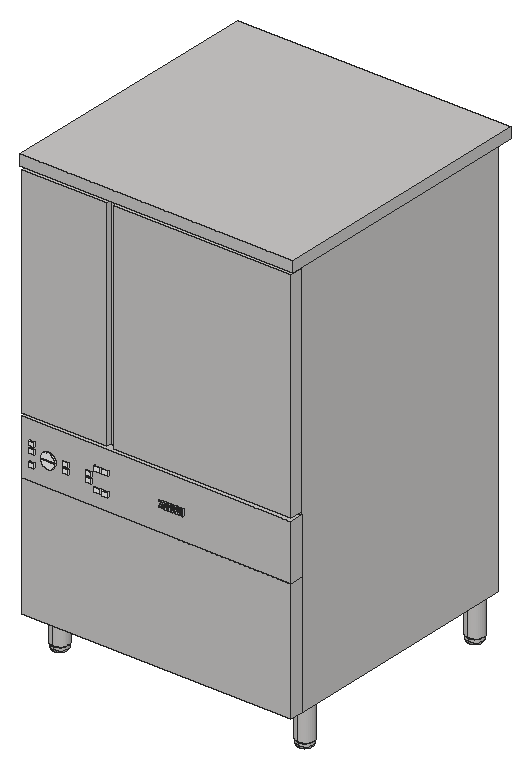
Revit family "QF_ELECTROLUXPROFESSIONAL_727897_RBC102", category Specialty Equipment, Revit 2018
Family settings
  Round Connector Dimension = Use Diameter
  Part Type = Normal
  Work Plane-Based = No
  Always vertical = Yes
  Cut with Voids When Loaded = No
  Shared = No
  Room Calculation Point = No
Parameters (values of type "Standard")
  Weight = 518.086 lbm
  Watts = 0 W
  Volts = 380 V
  URL Manufacturer = "http://professional.electrolux.com"
  URL = "http://professional.electrolux.com"
  Steam Supply Size = 0"
  Steam Supply Minimum Pressure = 0.00 psi
  Steam Supply Maximum Pressure = 0.00 psi
  Steam Pounds per Hour = 0
  Show Clearance [instance] = yes
  Refrigeration Suction Line Size = 0 mm
  Refrigeration Liquid Line Size = 0 mm
  Refrigerant Compressor Remote = yes
  Phase = 3
  Model = "RBC102"
  Manufacturer = "Electrolux Professional"
  Length Actual = 1000 mm  # constant formula
  Item Number = "727897"
  Hot Water Size = 0"
  Height Actual = 1640 mm  # constant formula
  HP = "5.3 HP"
  Gas Size = 0"
  Gas KW = 0
  Gas Input Pressure = 0.0 Btu/h
  Direct Waste Size = 1/2"
  Description = "BLAST CHILLER/FREEZER 64/56KG 10GN2/1-R452A"
  Depth Actual = 1010 mm  # constant formula
  Cycle = 50 Hz
  Condensate Return Size = 0"
  Compressed Air Volume = 0 GPM
  Compressed Air Size = 0"
  Compressed Air Pressure = 0.00 psi
  Cold Water Size = 0"
  Accessory = yes
Reference planes
  plane 1 "BACK": y = 0
  plane 2: z = 0
  plane 3 "LEFT": x = 0
  plane 4 "RIGHT": x = 1000
  plane 5 "FRONT": y = -1000
  plane 6 "TOP": z = 1660
  plane 7 "Center Y": x = 500
  plane 8 "Center X": y = -500
  plane 9: x = 50
  plane 10: x = 950
  plane 11: z = 150
  plane 12: z = 86
  plane 13: y = -50
  plane 14: y = -950
  plane 15: y = -689
  plane 16: y = -495
  plane 17: y = -1700
Forms (mm)
  Extrusion 1, solid, material "QF_Metal - Stainless - Polished"
    sketch origin (0, 0, 0) x (1, 0, 0) y (0, 0, 1)
      loop
        line (6.35, 1620) -> (6.35, 150) -> (993.65, 150) -> (993.65, 1620) -> (6.35, 1620)
    from 50 to 950
  Revolve 2, solid, material "QF_Metal - Stainless - Polished"
    sketch origin (50, -266.833, 0) x (0, 1, 0) y (0, 0, 1)
      loop
        line (-650.954, 150) -> (-650.954, 145.008) -> (-645.28, 145.008) -> (-645.28, 21.074) -> (-641.767, 17.561) -> (-641.767, 6.021)
        arc (-641.767, 6.021) -> (-640.973, 2.655) -> (-638.757, 0) r 7.527
        line (-638.757, 0) -> (-613.167, 0) -> (-613.167, 150) -> (-650.954, 150)
      axis (-613.167, 0) -> (-613.167, 150)
    angle from 0 to 360
  Revolve 3, solid, material "QF_Metal - Stainless - Polished"
    sketch origin (50, -787.167, 0) x (0, -1, 0) y (0, 0, 1)
      loop
        line (-724.954, 150) -> (-724.954, 145.008) -> (-719.28, 145.008) -> (-719.28, 21.074) -> (-715.767, 17.561) -> (-715.767, 6.021)
        arc (-715.767, 6.021) -> (-714.973, 2.655) -> (-712.757, 0) r 7.527
        line (-712.757, 0) -> (-687.167, 0) -> (-687.167, 150) -> (-724.954, 150)
      axis (-687.167, 0) -> (-687.167, 150)
    angle from 0 to 360
  Extrusion 4, solid, material "QF_Metal - Stainless - Polished"
    sketch origin (119.685, 0, 0) x (1, 0, 0) y (0, 0, 1)
      loop
        line (201.815, 150) -> (201.815, 120.527) -> (558.815, 120.527) -> (558.815, 150) -> (552.415, 150) -> (552.415, 126.927) -> (208.215, 126.927) -> (208.215, 150) -> (201.815, 150)
    from 218.729 to 655.055
  Extrusion 5, solid, material "QF_Metal - Stainless - Polished"
    sketch origin (-117.961, 0, 0) x (1, 0, 0) y (0, 0, 1)
      loop
        line (498.429, 95.527) -> (498.429, 120.527) -> (492.029, 120.527) -> (492.029, 86) -> (743.894, 86) -> (743.894, 120.527) -> (737.494, 120.527) -> (737.494, 95.527) -> (498.429, 95.527)
    from 333.038 to 655.055
  Extrusion 6, solid, material "QF_Metal - Stainless - Polished"
    sketch origin (0, -130, 0) x (1, 0, 0) y (0, 1, 0)
      loop
        circle (500, -365) r 20
    from 138.473 to 150
  Revolve 7, solid, material "QF_Metal - Stainless - Polished"
    sketch origin (950, -266.833, 0) x (0, 1, 0) y (0, 0, -1)
      loop
        line (-650.954, -150) -> (-613.167, -150) -> (-613.167, 0) -> (-638.757, 0)
        arc (-638.757, 0) -> (-640.973, -2.655) -> (-641.767, -6.021) r 7.527
        line (-641.767, -6.021) -> (-641.767, -17.561) -> (-645.28, -21.074) -> (-645.28, -145.008) -> (-650.954, -145.008) -> (-650.954, -150)
      axis (-613.167, 0) -> (-613.167, -150)
    angle from 0 to 360
  Revolve 8, solid, material "QF_Metal - Stainless - Polished"
    sketch origin (950, -787.167, 0) x (0, -1, 0) y (0, 0, 1)
      loop
        line (-724.954, 150) -> (-724.954, 145.008) -> (-719.28, 145.008) -> (-719.28, 21.074) -> (-715.767, 17.561) -> (-715.767, 6.021)
        arc (-715.767, 6.021) -> (-714.973, 2.655) -> (-712.757, 0) r 7.527
        line (-712.757, 0) -> (-687.167, 0) -> (-687.167, 150) -> (-724.954, 150)
      axis (-687.167, 0) -> (-687.167, 150)
    angle from 0 to 360
  Extrusion 9, solid, material "QF_Metal - Stainless - Polished"
    sketch origin (0, -50, -1035) x (1, 0, 0) y (0, 0, 1)
      loop
        circle (500, 1447.083) r 20
    from -7.507 to 0
  Extrusion 10, solid, material "QF_Door-Drawer Clearances", visible <- "Show Clearance", detail levels coarse
    sketch origin (0, -21, 0) x (1, 0, 0) y (0, 1, 0)
      loop
        line (993.65, -979) -> (318.65, -979)
        arc (318.65, -979) -> (499.741, -1479.823) -> (993.65, -1679) r 652.648
        line (993.65, -1679) -> (993.65, -979)
    from 810.198 to 1610
  Extrusion 11, solid, material "QF_Metal - Stainless - Polished"
    sketch origin (0, 0, 1620) x (1, 0, 0) y (0, 1, 0)
      loop
        line (0, 0) -> (0, -1000) -> (1000, -1000) -> (1000, 0) -> (0, 0)
    from 0 to 40
  Extrusion 12, solid, material "QF_Metal - Stainless - Polished"
    sketch origin (0, -261, 0) x (1, 0, 0) y (0, 1, 0)
      loop
        line (993.65, -689) -> (318.65, -689) -> (318.65, -714)
        arc (318.65, -714) -> (326.15, -721.5) -> (333.65, -714) r 7.5
        line (333.65, -714) -> (333.65, -712.023)
        arc (333.65, -712.023) -> (336, -706.35) -> (341.673, -704) r 8.023
        line (341.673, -704) -> (362.3, -704)
        arc (362.3, -704) -> (370.425, -712.125) -> (362.3, -720.25) r 8.125
        line (362.3, -720.25) -> (355.356, -720.25)
        arc (355.356, -720.25) -> (346.124, -724.074) -> (342.3, -733.306) r 13.056
        line (342.3, -733.306) -> (342.3, -739) -> (993.65, -739) -> (993.65, -689)
    from 810.198 to 1610
  Extrusion 13, solid, material "QF_Metal - Stainless - Polished"
    sketch origin (0, -186.528, -170.772) x (1, 0, 0) y (0, 0, 1)
      loop
        line (6.35, 970) -> (6.35, 766.772) -> (993.65, 766.772) -> (993.65, 970) -> (6.35, 970)
    from 763.472 to 813.472
  Extrusion 14, solid, material "QF_Plastic - White - Smooth"
    sketch origin (-40, -1000, 114.139) x (1, 0, 0) y (0, 0, 1)
      loop
        line (75.078, 617.851) -> (75.078, 601.601) -> (95.078, 601.601) -> (95.078, 617.851) -> (75.078, 617.851)
      loop
        line (75.078, 547.851) -> (75.078, 531.601) -> (95.078, 531.601) -> (95.078, 547.851) -> (75.078, 547.851)
      loop
        line (75.078, 592.851) -> (75.078, 576.601) -> (95.078, 576.601) -> (95.078, 592.851) -> (75.078, 592.851)
      loop
        line (120.078, 576.601) -> (170.078, 576.601)
        arc (170.078, 576.601) -> (145.078, 601.601) -> (120.078, 576.601) r 25
      loop
        arc (120.078, 571.601) -> (145.078, 546.601) -> (170.078, 571.601) r 25
        line (170.078, 571.601) -> (120.078, 571.601)
      loop
        line (198.715, 592.851) -> (198.715, 576.601) -> (218.715, 576.601) -> (218.715, 592.851) -> (198.715, 592.851)
      loop
        line (198.715, 570.081) -> (198.715, 553.831) -> (218.715, 553.831) -> (218.715, 570.081) -> (198.715, 570.081)
      loop
        line (283.715, 592.851) -> (283.715, 576.601) -> (303.715, 576.601) -> (303.715, 592.851) -> (283.715, 592.851)
      loop
        line (283.715, 570.081) -> (283.715, 553.831) -> (303.715, 553.831) -> (303.715, 570.081) -> (283.715, 570.081)
      loop
        line (314.587, 617.851) -> (314.587, 601.601) -> (334.587, 601.601) -> (334.587, 617.851) -> (314.587, 617.851)
      loop
        line (344.587, 617.851) -> (344.587, 601.601) -> (364.587, 601.601) -> (364.587, 617.851) -> (344.587, 617.851)
      loop
        line (314.587, 547.851) -> (314.587, 531.601) -> (334.587, 531.601) -> (334.587, 547.851) -> (314.587, 547.851)
      loop
        line (344.587, 547.851) -> (344.587, 531.601) -> (364.587, 531.601) -> (364.587, 547.851) -> (344.587, 547.851)
    from 0 to 4.861
  Extrusion 15, solid, material "QF_Metal - Stainless - Polished"
    sketch origin (0, -186.528, -363.03) x (1, 0, 0) y (0, 0, 1)
      loop
        line (6.35, 959.03) -> (6.35, 513.03) -> (993.65, 513.03) -> (993.65, 959.03) -> (6.35, 959.03)
    from 763.472 to 813.472
  Extrusion 16, solid, material "QF_Metal - Stainless - Polished"
    sketch origin (-675, -186.528, 43.426) x (1, 0, 0) y (0, 0, 1)
      loop
        line (681.35, 1566.574) -> (681.35, 766.772) -> (993.65, 766.772) -> (993.65, 1566.574) -> (681.35, 1566.574)
    from 763.472 to 813.472
Lines and regions (mm)
  Split face 1
    outline origin (0, -1000, -170.772) x (1, 0, 0) y (0, 0, 1)
      loop
        line (33.078, 905.06) -> (33.078, 814.512) -> (326.587, 814.512) -> (326.587, 905.06) -> (33.078, 905.06)
  Split face 2
    outline origin (230.841, -1000, -363.03) x (1, 0, 0) y (0, 0, 1)
      loop
        line (129.159, 912.765) -> (129.159, 897.765) -> (209.159, 897.765) -> (209.159, 912.765) -> (129.159, 912.765)
  Split face 3
    outline origin (230.841, -1000, -383.03) x (1, 0, 0) y (0, 0, 1)
      loop
        line (129.159, 912.765) -> (129.159, 897.765) -> (209.159, 897.765) -> (209.159, 912.765) -> (129.159, 912.765)
  Split face 4
    outline origin (230.841, -1000, -403.03) x (1, 0, 0) y (0, 0, 1)
      loop
        line (129.159, 912.765) -> (129.159, 897.765) -> (209.159, 897.765) -> (209.159, 912.765) -> (129.159, 912.765)
  Split face 5
    outline origin (230.841, -1000, -438.03) x (1, 0, 0) y (0, 0, 1)
      loop
        line (129.159, 912.765) -> (129.159, 897.765) -> (209.159, 897.765) -> (209.159, 912.765) -> (129.159, 912.765)
  Split face 6
    outline origin (230.841, -1000, -458.03) x (1, 0, 0) y (0, 0, 1)
      loop
        line (129.159, 912.765) -> (129.159, 897.765) -> (209.159, 897.765) -> (209.159, 912.765) -> (129.159, 912.765)
  Split face 7
    outline origin (230.841, -1000, -478.03) x (1, 0, 0) y (0, 0, 1)
      loop
        line (129.159, 912.765) -> (129.159, 897.765) -> (209.159, 897.765) -> (209.159, 912.765) -> (129.159, 912.765)
  Split face 8
    outline origin (230.841, -1000, -513.03) x (1, 0, 0) y (0, 0, 1)
      loop
        line (129.159, 912.765) -> (129.159, 897.765) -> (209.159, 897.765) -> (209.159, 912.765) -> (129.159, 912.765)
  Split face 9
    outline origin (230.841, -1000, -533.03) x (1, 0, 0) y (0, 0, 1)
      loop
        line (129.159, 912.765) -> (129.159, 897.765) -> (209.159, 897.765) -> (209.159, 912.765) -> (129.159, 912.765)
  Split face 10
    outline origin (230.841, -1000, -553.03) x (1, 0, 0) y (0, 0, 1)
      loop
        line (129.159, 912.765) -> (129.159, 897.765) -> (209.159, 897.765) -> (209.159, 912.765) -> (129.159, 912.765)
  Split face 11
    outline origin (230.841, -1000, -588.03) x (1, 0, 0) y (0, 0, 1)
      loop
        line (129.159, 912.765) -> (129.159, 897.765) -> (209.159, 897.765) -> (209.159, 912.765) -> (129.159, 912.765)
  Split face 12
    outline origin (230.841, -1000, -608.03) x (1, 0, 0) y (0, 0, 1)
      loop
        line (129.159, 912.765) -> (129.159, 897.765) -> (209.159, 897.765) -> (209.159, 912.765) -> (129.159, 912.765)
  Split face 13
    outline origin (230.841, -1000, -628.03) x (1, 0, 0) y (0, 0, 1)
      loop
        line (129.159, 912.765) -> (129.159, 897.765) -> (209.159, 897.765) -> (209.159, 912.765) -> (129.159, 912.765)
  Split face 14
    outline origin (230.841, -1000, -663.03) x (1, 0, 0) y (0, 0, 1)
      loop
        line (129.159, 912.765) -> (129.159, 897.765) -> (209.159, 897.765) -> (209.159, 912.765) -> (129.159, 912.765)
  Split face 15
    outline origin (230.841, -1000, -683.03) x (1, 0, 0) y (0, 0, 1)
      loop
        line (129.159, 912.765) -> (129.159, 897.765) -> (209.159, 897.765) -> (209.159, 912.765) -> (129.159, 912.765)
  Split face 16
    outline origin (230.841, -1000, -703.03) x (1, 0, 0) y (0, 0, 1)
      loop
        line (129.159, 912.765) -> (129.159, 897.765) -> (209.159, 897.765) -> (209.159, 912.765) -> (129.159, 912.765)
  Split face 17
    outline origin (340.841, -1000, -363.03) x (1, 0, 0) y (0, 0, 1)
      loop
        line (129.159, 912.765) -> (129.159, 897.765) -> (209.159, 897.765) -> (209.159, 912.765) -> (129.159, 912.765)
  Split face 18
    outline origin (340.841, -1000, -383.03) x (1, 0, 0) y (0, 0, 1)
      loop
        line (129.159, 912.765) -> (129.159, 897.765) -> (209.159, 897.765) -> (209.159, 912.765) -> (129.159, 912.765)
  Split face 19
    outline origin (340.841, -1000, -403.03) x (1, 0, 0) y (0, 0, 1)
      loop
        line (129.159, 912.765) -> (129.159, 897.765) -> (209.159, 897.765) -> (209.159, 912.765) -> (129.159, 912.765)
  Split face 20
    outline origin (340.841, -1000, -438.03) x (1, 0, 0) y (0, 0, 1)
      loop
        line (129.159, 912.765) -> (129.159, 897.765) -> (209.159, 897.765) -> (209.159, 912.765) -> (129.159, 912.765)
  Split face 21
    outline origin (340.841, -1000, -458.03) x (1, 0, 0) y (0, 0, 1)
      loop
        line (129.159, 912.765) -> (129.159, 897.765) -> (209.159, 897.765) -> (209.159, 912.765) -> (129.159, 912.765)
  Split face 22
    outline origin (340.841, -1000, -478.03) x (1, 0, 0) y (0, 0, 1)
      loop
        line (129.159, 912.765) -> (129.159, 897.765) -> (209.159, 897.765) -> (209.159, 912.765) -> (129.159, 912.765)
  Split face 23
    outline origin (340.841, -1000, -513.03) x (1, 0, 0) y (0, 0, 1)
      loop
        line (129.159, 912.765) -> (129.159, 897.765) -> (209.159, 897.765) -> (209.159, 912.765) -> (129.159, 912.765)
  Split face 24
    outline origin (340.841, -1000, -533.03) x (1, 0, 0) y (0, 0, 1)
      loop
        line (129.159, 912.765) -> (129.159, 897.765) -> (209.159, 897.765) -> (209.159, 912.765) -> (129.159, 912.765)
  Split face 25
    outline origin (340.841, -1000, -553.03) x (1, 0, 0) y (0, 0, 1)
      loop
        line (129.159, 912.765) -> (129.159, 897.765) -> (209.159, 897.765) -> (209.159, 912.765) -> (129.159, 912.765)
  Split face 26
    outline origin (340.841, -1000, -588.03) x (1, 0, 0) y (0, 0, 1)
      loop
        line (129.159, 912.765) -> (129.159, 897.765) -> (209.159, 897.765) -> (209.159, 912.765) -> (129.159, 912.765)
  Split face 27
    outline origin (340.841, -1000, -608.03) x (1, 0, 0) y (0, 0, 1)
      loop
        line (129.159, 912.765) -> (129.159, 897.765) -> (209.159, 897.765) -> (209.159, 912.765) -> (129.159, 912.765)
  Split face 28
    outline origin (340.841, -1000, -628.03) x (1, 0, 0) y (0, 0, 1)
      loop
        line (129.159, 912.765) -> (129.159, 897.765) -> (209.159, 897.765) -> (209.159, 912.765) -> (129.159, 912.765)
  Split face 29
    outline origin (340.841, -1000, -663.03) x (1, 0, 0) y (0, 0, 1)
      loop
        line (129.159, 912.765) -> (129.159, 897.765) -> (209.159, 897.765) -> (209.159, 912.765) -> (129.159, 912.765)
  Split face 30
    outline origin (340.841, -1000, -683.03) x (1, 0, 0) y (0, 0, 1)
      loop
        line (129.159, 912.765) -> (129.159, 897.765) -> (209.159, 897.765) -> (209.159, 912.765) -> (129.159, 912.765)
  Split face 31
    outline origin (340.841, -1000, -703.03) x (1, 0, 0) y (0, 0, 1)
      loop
        line (129.159, 912.765) -> (129.159, 897.765) -> (209.159, 897.765) -> (209.159, 912.765) -> (129.159, 912.765)
  Split face 32
    outline origin (450.841, -1000, -363.03) x (1, 0, 0) y (0, 0, 1)
      loop
        line (129.159, 912.765) -> (129.159, 897.765) -> (209.159, 897.765) -> (209.159, 912.765) -> (129.159, 912.765)
  Split face 33
    outline origin (450.841, -1000, -383.03) x (1, 0, 0) y (0, 0, 1)
      loop
        line (129.159, 912.765) -> (129.159, 897.765) -> (209.159, 897.765) -> (209.159, 912.765) -> (129.159, 912.765)
  Split face 34
    outline origin (450.841, -1000, -403.03) x (1, 0, 0) y (0, 0, 1)
      loop
        line (129.159, 912.765) -> (129.159, 897.765) -> (209.159, 897.765) -> (209.159, 912.765) -> (129.159, 912.765)
  Split face 35
    outline origin (450.841, -1000, -438.03) x (1, 0, 0) y (0, 0, 1)
      loop
        line (129.159, 912.765) -> (129.159, 897.765) -> (209.159, 897.765) -> (209.159, 912.765) -> (129.159, 912.765)
  Split face 36
    outline origin (450.841, -1000, -458.03) x (1, 0, 0) y (0, 0, 1)
      loop
        line (129.159, 912.765) -> (129.159, 897.765) -> (209.159, 897.765) -> (209.159, 912.765) -> (129.159, 912.765)
  Split face 37
    outline origin (450.841, -1000, -478.03) x (1, 0, 0) y (0, 0, 1)
      loop
        line (129.159, 912.765) -> (129.159, 897.765) -> (209.159, 897.765) -> (209.159, 912.765) -> (129.159, 912.765)
  Split face 38
    outline origin (450.841, -1000, -513.03) x (1, 0, 0) y (0, 0, 1)
      loop
        line (129.159, 912.765) -> (129.159, 897.765) -> (209.159, 897.765) -> (209.159, 912.765) -> (129.159, 912.765)
  Split face 39
    outline origin (450.841, -1000, -533.03) x (1, 0, 0) y (0, 0, 1)
      loop
        line (129.159, 912.765) -> (129.159, 897.765) -> (209.159, 897.765) -> (209.159, 912.765) -> (129.159, 912.765)
  Split face 40
    outline origin (450.841, -1000, -553.03) x (1, 0, 0) y (0, 0, 1)
      loop
        line (129.159, 912.765) -> (129.159, 897.765) -> (209.159, 897.765) -> (209.159, 912.765) -> (129.159, 912.765)
  Split face 41
    outline origin (450.841, -1000, -588.03) x (1, 0, 0) y (0, 0, 1)
      loop
        line (129.159, 912.765) -> (129.159, 897.765) -> (209.159, 897.765) -> (209.159, 912.765) -> (129.159, 912.765)
  Split face 42
    outline origin (450.841, -1000, -608.03) x (1, 0, 0) y (0, 0, 1)
      loop
        line (129.159, 912.765) -> (129.159, 897.765) -> (209.159, 897.765) -> (209.159, 912.765) -> (129.159, 912.765)
  Split face 43
    outline origin (450.841, -1000, -628.03) x (1, 0, 0) y (0, 0, 1)
      loop
        line (129.159, 912.765) -> (129.159, 897.765) -> (209.159, 897.765) -> (209.159, 912.765) -> (129.159, 912.765)
  Split face 44
    outline origin (450.841, -1000, -663.03) x (1, 0, 0) y (0, 0, 1)
      loop
        line (129.159, 912.765) -> (129.159, 897.765) -> (209.159, 897.765) -> (209.159, 912.765) -> (129.159, 912.765)
  Split face 45
    outline origin (450.841, -1000, -683.03) x (1, 0, 0) y (0, 0, 1)
      loop
        line (129.159, 912.765) -> (129.159, 897.765) -> (209.159, 897.765) -> (209.159, 912.765) -> (129.159, 912.765)
  Split face 46
    outline origin (450.841, -1000, -703.03) x (1, 0, 0) y (0, 0, 1)
      loop
        line (129.159, 912.765) -> (129.159, 897.765) -> (209.159, 897.765) -> (209.159, 912.765) -> (129.159, 912.765)
  Split face 47
    outline origin (320.841, -1000, -363.03) x (1, 0, 0) y (0, 0, 1)
      loop
        line (369.159, 912.765) -> (369.159, 897.765) -> (449.159, 897.765) -> (449.159, 912.765) -> (369.159, 912.765)
  Split face 48
    outline origin (320.841, -1000, -383.03) x (1, 0, 0) y (0, 0, 1)
      loop
        line (369.159, 912.765) -> (369.159, 897.765) -> (449.159, 897.765) -> (449.159, 912.765) -> (369.159, 912.765)
  Split face 49
    outline origin (320.841, -1000, -403.03) x (1, 0, 0) y (0, 0, 1)
      loop
        line (369.159, 912.765) -> (369.159, 897.765) -> (449.159, 897.765) -> (449.159, 912.765) -> (369.159, 912.765)
  Split face 50
    outline origin (320.841, -1000, -438.03) x (1, 0, 0) y (0, 0, 1)
      loop
        line (369.159, 912.765) -> (369.159, 897.765) -> (449.159, 897.765) -> (449.159, 912.765) -> (369.159, 912.765)
  Split face 51
    outline origin (320.841, -1000, -458.03) x (1, 0, 0) y (0, 0, 1)
      loop
        line (369.159, 912.765) -> (369.159, 897.765) -> (449.159, 897.765) -> (449.159, 912.765) -> (369.159, 912.765)
  Split face 52
    outline origin (320.841, -1000, -478.03) x (1, 0, 0) y (0, 0, 1)
      loop
        line (369.159, 912.765) -> (369.159, 897.765) -> (449.159, 897.765) -> (449.159, 912.765) -> (369.159, 912.765)
  Split face 53
    outline origin (320.841, -1000, -513.03) x (1, 0, 0) y (0, 0, 1)
      loop
        line (369.159, 912.765) -> (369.159, 897.765) -> (449.159, 897.765) -> (449.159, 912.765) -> (369.159, 912.765)
  Split face 54
    outline origin (320.841, -1000, -533.03) x (1, 0, 0) y (0, 0, 1)
      loop
        line (369.159, 912.765) -> (369.159, 897.765) -> (449.159, 897.765) -> (449.159, 912.765) -> (369.159, 912.765)
  Split face 55
    outline origin (320.841, -1000, -553.03) x (1, 0, 0) y (0, 0, 1)
      loop
        line (369.159, 912.765) -> (369.159, 897.765) -> (449.159, 897.765) -> (449.159, 912.765) -> (369.159, 912.765)
  Split face 56
    outline origin (320.841, -1000, -588.03) x (1, 0, 0) y (0, 0, 1)
      loop
        line (369.159, 912.765) -> (369.159, 897.765) -> (449.159, 897.765) -> (449.159, 912.765) -> (369.159, 912.765)
  Split face 57
    outline origin (320.841, -1000, -608.03) x (1, 0, 0) y (0, 0, 1)
      loop
        line (369.159, 912.765) -> (369.159, 897.765) -> (449.159, 897.765) -> (449.159, 912.765) -> (369.159, 912.765)
  Split face 58
    outline origin (320.841, -1000, -628.03) x (1, 0, 0) y (0, 0, 1)
      loop
        line (369.159, 912.765) -> (369.159, 897.765) -> (449.159, 897.765) -> (449.159, 912.765) -> (369.159, 912.765)
  Split face 59
    outline origin (320.841, -1000, -663.03) x (1, 0, 0) y (0, 0, 1)
      loop
        line (369.159, 912.765) -> (369.159, 897.765) -> (449.159, 897.765) -> (449.159, 912.765) -> (369.159, 912.765)
  Split face 60
    outline origin (320.841, -1000, -683.03) x (1, 0, 0) y (0, 0, 1)
      loop
        line (369.159, 912.765) -> (369.159, 897.765) -> (449.159, 897.765) -> (449.159, 912.765) -> (369.159, 912.765)
  Split face 61
    outline origin (320.841, -1000, -703.03) x (1, 0, 0) y (0, 0, 1)
      loop
        line (369.159, 912.765) -> (369.159, 897.765) -> (449.159, 897.765) -> (449.159, 912.765) -> (369.159, 912.765)
  Split face 62
    outline origin (430.841, -1000, -363.03) x (1, 0, 0) y (0, 0, 1)
      loop
        line (369.159, 912.765) -> (369.159, 897.765) -> (449.159, 897.765) -> (449.159, 912.765) -> (369.159, 912.765)
  Split face 63
    outline origin (430.841, -1000, -383.03) x (1, 0, 0) y (0, 0, 1)
      loop
        line (369.159, 912.765) -> (369.159, 897.765) -> (449.159, 897.765) -> (449.159, 912.765) -> (369.159, 912.765)
  Split face 64
    outline origin (430.841, -1000, -403.03) x (1, 0, 0) y (0, 0, 1)
      loop
        line (369.159, 912.765) -> (369.159, 897.765) -> (449.159, 897.765) -> (449.159, 912.765) -> (369.159, 912.765)
  Split face 65
    outline origin (430.841, -1000, -438.03) x (1, 0, 0) y (0, 0, 1)
      loop
        line (369.159, 912.765) -> (369.159, 897.765) -> (449.159, 897.765) -> (449.159, 912.765) -> (369.159, 912.765)
  Split face 66
    outline origin (430.841, -1000, -458.03) x (1, 0, 0) y (0, 0, 1)
      loop
        line (369.159, 912.765) -> (369.159, 897.765) -> (449.159, 897.765) -> (449.159, 912.765) -> (369.159, 912.765)
  Split face 67
    outline origin (430.841, -1000, -478.03) x (1, 0, 0) y (0, 0, 1)
      loop
        line (369.159, 912.765) -> (369.159, 897.765) -> (449.159, 897.765) -> (449.159, 912.765) -> (369.159, 912.765)
  Split face 68
    outline origin (430.841, -1000, -513.03) x (1, 0, 0) y (0, 0, 1)
      loop
        line (369.159, 912.765) -> (369.159, 897.765) -> (449.159, 897.765) -> (449.159, 912.765) -> (369.159, 912.765)
  Split face 69
    outline origin (430.841, -1000, -533.03) x (1, 0, 0) y (0, 0, 1)
      loop
        line (369.159, 912.765) -> (369.159, 897.765) -> (449.159, 897.765) -> (449.159, 912.765) -> (369.159, 912.765)
  Split face 70
    outline origin (430.841, -1000, -553.03) x (1, 0, 0) y (0, 0, 1)
      loop
        line (369.159, 912.765) -> (369.159, 897.765) -> (449.159, 897.765) -> (449.159, 912.765) -> (369.159, 912.765)
  Split face 71
    outline origin (430.841, -1000, -588.03) x (1, 0, 0) y (0, 0, 1)
      loop
        line (369.159, 912.765) -> (369.159, 897.765) -> (449.159, 897.765) -> (449.159, 912.765) -> (369.159, 912.765)
  Split face 72
    outline origin (430.841, -1000, -608.03) x (1, 0, 0) y (0, 0, 1)
      loop
        line (369.159, 912.765) -> (369.159, 897.765) -> (449.159, 897.765) -> (449.159, 912.765) -> (369.159, 912.765)
  Split face 73
    outline origin (430.841, -1000, -628.03) x (1, 0, 0) y (0, 0, 1)
      loop
        line (369.159, 912.765) -> (369.159, 897.765) -> (449.159, 897.765) -> (449.159, 912.765) -> (369.159, 912.765)
  Split face 74
    outline origin (430.841, -1000, -663.03) x (1, 0, 0) y (0, 0, 1)
      loop
        line (369.159, 912.765) -> (369.159, 897.765) -> (449.159, 897.765) -> (449.159, 912.765) -> (369.159, 912.765)
  Split face 75
    outline origin (430.841, -1000, -683.03) x (1, 0, 0) y (0, 0, 1)
      loop
        line (369.159, 912.765) -> (369.159, 897.765) -> (449.159, 897.765) -> (449.159, 912.765) -> (369.159, 912.765)
  Split face 76
    outline origin (430.841, -1000, -703.03) x (1, 0, 0) y (0, 0, 1)
      loop
        line (369.159, 912.765) -> (369.159, 897.765) -> (449.159, 897.765) -> (449.159, 912.765) -> (369.159, 912.765)
  symbolic lines
    curve 1: line (0, 0, 0) -> (0, -1003.472, 0)
    curve 2: line (1000, 0, 0) -> (0, 0, 0)
    curve 3: line (1000, -1000, 0) -> (1000, 0, 0)
    curve 4: line (0, -1000, 0) -> (1000, -1000, 0)
  symbolic lines, style "QF_Door-Drawer Clearances"
    curve 5: line (993.65, -1000, 0) -> (993.65, -1700, 0)
    curve 6: arc (318.65, -1000, 0) -> (499.741, -1500.823, 0) -> (993.65, -1700, 0) r 652.648
Dimensions and locks
  equal spacing: plane 3 "LEFT", plane 7 "Center Y", plane 4 "RIGHT"
  plane 3 "LEFT" to plane 4 "RIGHT" = 1000 mm
  equal spacing: plane 5 "FRONT", plane 8 "Center X", plane 1 "BACK"
  plane 5 "FRONT" to plane 1 "BACK" = 1000 mm
  plane 6 "TOP" to level = 1660 mm
  plane 9 to plane 3 "LEFT" = 50 mm
  plane 10 to plane 4 "RIGHT" = 50 mm
  plane 10 to plane 9 = 900 mm
  plane 11 to level = 150 mm
  plane 12 to plane 11 = 64 mm
  plane 1 "BACK" to plane 13 = 50 mm
  plane 13 to plane 15 = 639 mm
  plane 16 to plane 1 "BACK" = 495 mm
  plane 17 to plane 1 "BACK" = 1700 mm
  plane 3 "LEFT" to Extrusion 10 = 993.65 mm
  aligned and locked: level to plane 2
Automatic sketch dimensions
  plane 1 "BACK" to curve 1 = 0 mm
  curve 1 to plane 3 "LEFT" = 0 mm
  curve 5 to plane 17 = 0 mm
  plane 4 "RIGHT" to curve 5 = 6.35 mm
  Extrusion 1 sketch curve to plane 11 = 0 mm
  plane 3 "LEFT" to Extrusion 1 sketch curve = 6.35 mm
  plane 4 "RIGHT" to Extrusion 1 sketch curve = 6.35 mm
  Extrusion 1 sketch curve to plane 6 "TOP" = 40 mm
  Revolve 2 sketch curve to plane 11 = 0 mm
  Revolve 2 sketch curve to level = 0 mm
  Revolve 2 sketch curve to plane 14 = 32.213 mm
  Revolve 2 sketch curve to Revolve 2 sketch curve = 5.674 mm
  Revolve 2 sketch curve to Revolve 2 sketch curve = 3.513 mm  (x2)
  Revolve 2 sketch curve to Revolve 2 sketch curve = 3.01 mm
  level to Revolve 2 sketch curve = 6.021 mm
  Revolve 2 sketch curve to Revolve 2 sketch curve = 21.073 mm
  Revolve 2 sketch curve to Revolve 2 sketch curve = 11.54 mm
  Revolve 2 sketch curve to plane 11 = 4.992 mm
  Revolve 2 sketch curve to Revolve 2 sketch curve = 0 mm
  Revolve 2 sketch curve to Revolve 2 sketch curve = 4.992 mm
  plane 11 to Revolve 2 sketch curve = 20.008 mm
  Revolve 3 sketch curve to plane 11 = 0 mm
  Revolve 3 sketch curve to level = 0 mm
  Revolve 3 sketch curve to plane 13 = 12.213 mm
  Revolve 3 sketch curve to Revolve 3 sketch curve = 5.674 mm
  Revolve 3 sketch curve to Revolve 3 sketch curve = 3.513 mm  (x2)
  Revolve 3 sketch curve to Revolve 3 sketch curve = 3.01 mm
  Revolve 3 sketch curve to level = 6.021 mm
  Revolve 3 sketch curve to Revolve 3 sketch curve = 21.073 mm
  Revolve 3 sketch curve to Revolve 3 sketch curve = 11.54 mm
  plane 11 to Revolve 3 sketch curve = 4.992 mm
  Revolve 3 sketch curve to Revolve 3 sketch curve = 0 mm
  Revolve 3 sketch curve to Revolve 3 sketch curve = 4.992 mm
  Revolve 3 sketch curve to plane 11 = 20.008 mm
  Extrusion 4 sketch curve to plane 11 = 0 mm  (x2)
  Extrusion 4 sketch curve to plane 7 "Center Y" = 178.5 mm
  Extrusion 4 sketch curve to Extrusion 4 sketch curve = 6.4 mm  (x3)
  plane 7 "Center Y" to Extrusion 4 sketch curve = 172.1 mm
  Extrusion 4 sketch curve to Extrusion 4 sketch curve = 23.073 mm
  Extrusion 5 sketch curve to plane 12 = 0 mm
  Extrusion 5 sketch curve to plane 7 "Center Y" = 125.932 mm
  Extrusion 5 sketch curve to Extrusion 5 sketch curve = 6.4 mm  (x2)
  Extrusion 5 sketch curve to plane 12 = 9.527 mm
  plane 7 "Center Y" to Extrusion 5 sketch curve = 119.532 mm
  Extrusion 5 sketch curve to Extrusion 5 sketch curve = 25 mm  (x2)
  Extrusion 6 sketch curve to plane 7 "Center Y" = 0 mm
  Extrusion 6 sketch curve to plane 16 = 0 mm
  plane 11 to Revolve 7 sketch curve = 0 mm
  Revolve 7 sketch curve to level = 0 mm
  Revolve 7 sketch curve to plane 14 = 32.213 mm
  Revolve 7 sketch curve to Revolve 7 sketch curve = 5.674 mm
  Revolve 7 sketch curve to Revolve 7 sketch curve = 3.513 mm  (x2)
  Revolve 7 sketch curve to Revolve 7 sketch curve = 3.01 mm
  level to Revolve 7 sketch curve = 6.021 mm
  Revolve 7 sketch curve to Revolve 7 sketch curve = 21.073 mm
  Revolve 7 sketch curve to plane 11 = 4.992 mm
  Revolve 7 sketch curve to Revolve 7 sketch curve = 15.053 mm
  Revolve 7 sketch curve to Revolve 7 sketch curve = 0 mm
  plane 11 to Revolve 7 sketch curve = 20.008 mm
  Revolve 7 sketch curve to Revolve 7 sketch curve = 4.992 mm
  Revolve 8 sketch curve to plane 11 = 0 mm
  Revolve 8 sketch curve to level = 0 mm
  plane 13 to Revolve 8 sketch curve = 12.213 mm
  Revolve 8 sketch curve to Revolve 8 sketch curve = 5.674 mm
  Revolve 8 sketch curve to Revolve 8 sketch curve = 3.513 mm  (x2)
  Revolve 8 sketch curve to Revolve 8 sketch curve = 3.01 mm
  level to Revolve 8 sketch curve = 6.021 mm
  Revolve 8 sketch curve to Revolve 8 sketch curve = 21.073 mm
  Revolve 8 sketch curve to Revolve 8 sketch curve = 11.54 mm
  Revolve 8 sketch curve to plane 11 = 4.992 mm
  Revolve 8 sketch curve to Revolve 8 sketch curve = 0 mm
  Revolve 8 sketch curve to Revolve 8 sketch curve = 4.992 mm
  plane 11 to Revolve 8 sketch curve = 20.008 mm
  Extrusion 9 sketch curve to plane 7 "Center Y" = 0 mm
  plane 11 to Extrusion 9 sketch curve = 262.083 mm
  Extrusion 11 sketch curve to plane 3 "LEFT" = 0 mm
  Extrusion 11 sketch curve to plane 4 "RIGHT" = 0 mm
  plane 5 "FRONT" to Extrusion 11 sketch curve = 0 mm
  plane 1 "BACK" to Extrusion 11 sketch curve = 0 mm
  plane 14 to Extrusion 12 sketch curve = 0 mm
  plane 5 "FRONT" to Extrusion 12 sketch curve = 0 mm
  Extrusion 12 sketch curve to plane 7 "Center Y" = 181.35 mm
  Extrusion 12 sketch curve to Extrusion 12 sketch curve = 7.5 mm
  Extrusion 12 sketch curve to Extrusion 12 sketch curve = 8.023 mm
  Extrusion 12 sketch curve to plane 5 "FRONT" = 5.694 mm
  Extrusion 12 sketch curve to Extrusion 12 sketch curve = 8.65 mm
  Extrusion 12 sketch curve to Extrusion 12 sketch curve = 13.683 mm
  Extrusion 12 sketch curve to Extrusion 12 sketch curve = 6.944 mm
  plane 4 "RIGHT" to Extrusion 12 sketch curve = 6.35 mm
  Extrusion 12 sketch curve to Extrusion 12 sketch curve = 19.306 mm
  Extrusion 12 sketch curve to Extrusion 12 sketch curve = 8.125 mm
  plane 3 "LEFT" to Extrusion 13 sketch curve = 6.35 mm
  plane 4 "RIGHT" to Extrusion 13 sketch curve = 6.35 mm
  plane 11 to Extrusion 13 sketch curve = 446 mm
  Extrusion 13 sketch curve to Extrusion 13 sketch curve = 203.228 mm
  Split face 1 sketch curve to Extrusion 13 = 26.728 mm
  Split face 1 sketch curve to Extrusion 13 = 47.74 mm
  Split face 1 sketch curve to Split face 1 sketch curve = 293.509 mm
  Split face 1 sketch curve to Extrusion 13 = 64.94 mm
  Extrusion 14 sketch curve to plane 9 = 14.922 mm  (x2)
  Extrusion 14 sketch curve to Extrusion 14 sketch curve = 0 mm  (x12)
  plane 9 to Extrusion 14 sketch curve = 5.078 mm  (x3)
  Extrusion 14 sketch curve to Extrusion 14 sketch curve = 25 mm  (x2)
  Extrusion 14 sketch curve to Extrusion 14 sketch curve = 28.636 mm
  Extrusion 14 sketch curve to Extrusion 14 sketch curve = 20 mm  (x7)
  Extrusion 14 sketch curve to Extrusion 14 sketch curve = 65 mm
  Extrusion 14 sketch curve to Extrusion 14 sketch curve = 10.872 mm  (x2)
  Extrusion 14 sketch curve to Extrusion 14 sketch curve = 10 mm  (x2)
  plane 11 to Extrusion 14 sketch curve = 495.74 mm
  Extrusion 14 sketch curve to Extrusion 14 sketch curve = 16.25 mm  (x9)
  Extrusion 14 sketch curve to Extrusion 14 sketch curve = 5.98 mm
  Extrusion 14 sketch curve to Extrusion 14 sketch curve = 1.52 mm
  Extrusion 14 sketch curve to Extrusion 14 sketch curve = 6.52 mm  (x2)
  Extrusion 14 sketch curve to Extrusion 14 sketch curve = 5 mm  (x2)
  Extrusion 14 sketch curve to Extrusion 14 sketch curve = 8.75 mm  (x2)
  Extrusion 15 sketch curve to plane 11 = 0 mm
  plane 3 "LEFT" to Extrusion 15 sketch curve = 6.35 mm
  plane 4 "RIGHT" to Extrusion 15 sketch curve = 6.35 mm
  plane 11 to Extrusion 15 sketch curve = 446 mm
  Split face 2 sketch curve to Extrusion 15 = 61.265 mm
  Split face 2 sketch curve to Extrusion 15 = 353.65 mm
  Split face 2 sketch curve to Split face 2 sketch curve = 80 mm
  Split face 2 sketch curve to Split face 2 sketch curve = 15 mm
  Split face 3 sketch curve to Extrusion 15 = 81.265 mm
  Split face 3 sketch curve to Extrusion 15 = 353.65 mm
  Split face 3 sketch curve to Split face 3 sketch curve = 80 mm
  Split face 3 sketch curve to Split face 3 sketch curve = 15 mm
  Split face 4 sketch curve to Extrusion 15 = 101.265 mm
  Split face 4 sketch curve to Extrusion 15 = 353.65 mm
  Split face 4 sketch curve to Split face 4 sketch curve = 80 mm
  Split face 4 sketch curve to Split face 4 sketch curve = 15 mm
  Split face 5 sketch curve to Extrusion 15 = 136.265 mm
  Split face 5 sketch curve to Extrusion 15 = 353.65 mm
  Split face 5 sketch curve to Split face 5 sketch curve = 80 mm
  Split face 5 sketch curve to Split face 5 sketch curve = 15 mm
  Split face 6 sketch curve to Extrusion 15 = 156.265 mm
  Split face 6 sketch curve to Extrusion 15 = 353.65 mm
  Split face 6 sketch curve to Split face 6 sketch curve = 80 mm
  Split face 6 sketch curve to Split face 6 sketch curve = 15 mm
  Split face 7 sketch curve to Extrusion 15 = 176.265 mm
  Split face 7 sketch curve to Extrusion 15 = 353.65 mm
  Split face 7 sketch curve to Split face 7 sketch curve = 80 mm
  Split face 7 sketch curve to Split face 7 sketch curve = 15 mm
  Split face 8 sketch curve to Extrusion 15 = 353.65 mm
  Split face 8 sketch curve to Split face 8 sketch curve = 80 mm
  Split face 8 sketch curve to Extrusion 15 = 211.265 mm
  Split face 8 sketch curve to Split face 8 sketch curve = 15 mm
  Split face 9 sketch curve to Extrusion 15 = 353.65 mm
  Split face 9 sketch curve to Split face 9 sketch curve = 80 mm
  Split face 9 sketch curve to Extrusion 15 = 214.735 mm
  Split face 9 sketch curve to Split face 9 sketch curve = 15 mm
  Split face 10 sketch curve to Extrusion 15 = 353.65 mm
  Split face 10 sketch curve to Split face 10 sketch curve = 80 mm
  Split face 10 sketch curve to Extrusion 15 = 194.735 mm
  Split face 10 sketch curve to Split face 10 sketch curve = 15 mm
  Split face 11 sketch curve to Extrusion 15 = 159.735 mm
  Split face 11 sketch curve to Extrusion 15 = 353.65 mm
  Split face 11 sketch curve to Split face 11 sketch curve = 80 mm
  Split face 11 sketch curve to Split face 11 sketch curve = 15 mm
  Split face 12 sketch curve to Extrusion 15 = 139.735 mm
  Split face 12 sketch curve to Extrusion 15 = 353.65 mm
  Split face 12 sketch curve to Split face 12 sketch curve = 80 mm
  Split face 12 sketch curve to Split face 12 sketch curve = 15 mm
  Split face 13 sketch curve to Extrusion 15 = 119.735 mm
  Split face 13 sketch curve to Extrusion 15 = 353.65 mm
  Split face 13 sketch curve to Split face 13 sketch curve = 80 mm
  Split face 13 sketch curve to Split face 13 sketch curve = 15 mm
  Split face 14 sketch curve to Extrusion 15 = 84.735 mm
  Split face 14 sketch curve to Extrusion 15 = 353.65 mm
  Split face 14 sketch curve to Split face 14 sketch curve = 80 mm
  Split face 14 sketch curve to Split face 14 sketch curve = 15 mm
  Split face 15 sketch curve to Extrusion 15 = 64.735 mm
  Split face 15 sketch curve to Extrusion 15 = 353.65 mm
  Split face 15 sketch curve to Split face 15 sketch curve = 80 mm
  Split face 15 sketch curve to Split face 15 sketch curve = 15 mm
  Split face 16 sketch curve to Extrusion 15 = 44.735 mm
  Split face 16 sketch curve to Extrusion 15 = 353.65 mm
  Split face 16 sketch curve to Split face 16 sketch curve = 80 mm
  Split face 16 sketch curve to Split face 16 sketch curve = 15 mm
  Split face 17 sketch curve to Extrusion 15 = 61.265 mm
  Split face 17 sketch curve to Extrusion 15 = 463.65 mm
  Split face 17 sketch curve to Split face 17 sketch curve = 80 mm
  Split face 17 sketch curve to Split face 17 sketch curve = 15 mm
  Split face 18 sketch curve to Extrusion 15 = 81.265 mm
  Split face 18 sketch curve to Extrusion 15 = 463.65 mm
  Split face 18 sketch curve to Split face 18 sketch curve = 80 mm
  Split face 18 sketch curve to Split face 18 sketch curve = 15 mm
  Split face 19 sketch curve to Extrusion 15 = 101.265 mm
  Split face 19 sketch curve to Extrusion 15 = 463.65 mm
  Split face 19 sketch curve to Split face 19 sketch curve = 80 mm
  Split face 19 sketch curve to Split face 19 sketch curve = 15 mm
  Split face 20 sketch curve to Extrusion 15 = 136.265 mm
  Split face 20 sketch curve to Extrusion 15 = 463.65 mm
  Split face 20 sketch curve to Split face 20 sketch curve = 80 mm
  Split face 20 sketch curve to Split face 20 sketch curve = 15 mm
  Split face 21 sketch curve to Extrusion 15 = 156.265 mm
  Split face 21 sketch curve to Extrusion 15 = 463.65 mm
  Split face 21 sketch curve to Split face 21 sketch curve = 80 mm
  Split face 21 sketch curve to Split face 21 sketch curve = 15 mm
  Split face 22 sketch curve to Extrusion 15 = 176.265 mm
  Split face 22 sketch curve to Extrusion 15 = 463.65 mm
  Split face 22 sketch curve to Split face 22 sketch curve = 80 mm
  Split face 22 sketch curve to Split face 22 sketch curve = 15 mm
  Split face 23 sketch curve to Extrusion 15 = 211.265 mm
  Split face 23 sketch curve to Extrusion 15 = 463.65 mm
  Split face 23 sketch curve to Split face 23 sketch curve = 80 mm
  Split face 23 sketch curve to Split face 23 sketch curve = 15 mm
  Split face 24 sketch curve to Extrusion 15 = 214.735 mm
  Split face 24 sketch curve to Extrusion 15 = 463.65 mm
  Split face 24 sketch curve to Split face 24 sketch curve = 80 mm
  Split face 24 sketch curve to Split face 24 sketch curve = 15 mm
  Split face 25 sketch curve to Extrusion 15 = 194.735 mm
  Split face 25 sketch curve to Extrusion 15 = 463.65 mm
  Split face 25 sketch curve to Split face 25 sketch curve = 80 mm
  Split face 25 sketch curve to Split face 25 sketch curve = 15 mm
  Split face 26 sketch curve to Extrusion 15 = 159.735 mm
  Split face 26 sketch curve to Extrusion 15 = 463.65 mm
  Split face 26 sketch curve to Split face 26 sketch curve = 80 mm
  Split face 26 sketch curve to Split face 26 sketch curve = 15 mm
  Split face 27 sketch curve to Extrusion 15 = 139.735 mm
  Split face 27 sketch curve to Extrusion 15 = 463.65 mm
  Split face 27 sketch curve to Split face 27 sketch curve = 80 mm
  Split face 27 sketch curve to Split face 27 sketch curve = 15 mm
  Split face 28 sketch curve to Extrusion 15 = 119.735 mm
  Split face 28 sketch curve to Extrusion 15 = 463.65 mm
  Split face 28 sketch curve to Split face 28 sketch curve = 80 mm
  Split face 28 sketch curve to Split face 28 sketch curve = 15 mm
  Split face 29 sketch curve to Extrusion 15 = 84.735 mm
  Split face 29 sketch curve to Extrusion 15 = 463.65 mm
  Split face 29 sketch curve to Split face 29 sketch curve = 80 mm
  Split face 29 sketch curve to Split face 29 sketch curve = 15 mm
  Split face 30 sketch curve to Extrusion 15 = 64.735 mm
  Split face 30 sketch curve to Extrusion 15 = 463.65 mm
  Split face 30 sketch curve to Split face 30 sketch curve = 80 mm
  Split face 30 sketch curve to Split face 30 sketch curve = 15 mm
  Split face 31 sketch curve to Extrusion 15 = 44.735 mm
  Split face 31 sketch curve to Extrusion 15 = 463.65 mm
  Split face 31 sketch curve to Split face 31 sketch curve = 80 mm
  Split face 31 sketch curve to Split face 31 sketch curve = 15 mm
  Split face 32 sketch curve to Extrusion 15 = 61.265 mm
  Split face 32 sketch curve to Extrusion 15 = 413.65 mm
  Split face 32 sketch curve to Split face 32 sketch curve = 80 mm
  Split face 32 sketch curve to Split face 32 sketch curve = 15 mm
  Split face 33 sketch curve to Extrusion 15 = 81.265 mm
  Split face 33 sketch curve to Extrusion 15 = 413.65 mm
  Split face 33 sketch curve to Split face 33 sketch curve = 80 mm
  Split face 33 sketch curve to Split face 33 sketch curve = 15 mm
  Split face 34 sketch curve to Extrusion 15 = 101.265 mm
  Split face 34 sketch curve to Extrusion 15 = 413.65 mm
  Split face 34 sketch curve to Split face 34 sketch curve = 80 mm
  Split face 34 sketch curve to Split face 34 sketch curve = 15 mm
  Split face 35 sketch curve to Extrusion 15 = 136.265 mm
  Split face 35 sketch curve to Extrusion 15 = 413.65 mm
  Split face 35 sketch curve to Split face 35 sketch curve = 80 mm
  Split face 35 sketch curve to Split face 35 sketch curve = 15 mm
  Split face 36 sketch curve to Extrusion 15 = 156.265 mm
  Split face 36 sketch curve to Extrusion 15 = 413.65 mm
  Split face 36 sketch curve to Split face 36 sketch curve = 80 mm
  Split face 36 sketch curve to Split face 36 sketch curve = 15 mm
  Split face 37 sketch curve to Extrusion 15 = 176.265 mm
  Split face 37 sketch curve to Extrusion 15 = 413.65 mm
  Split face 37 sketch curve to Split face 37 sketch curve = 80 mm
  Split face 37 sketch curve to Split face 37 sketch curve = 15 mm
  Split face 38 sketch curve to Extrusion 15 = 413.65 mm
  Split face 38 sketch curve to Split face 38 sketch curve = 80 mm
  Split face 38 sketch curve to Extrusion 15 = 211.265 mm
  Split face 38 sketch curve to Split face 38 sketch curve = 15 mm
  Split face 39 sketch curve to Extrusion 15 = 413.65 mm
  Split face 39 sketch curve to Split face 39 sketch curve = 80 mm
  Split face 39 sketch curve to Extrusion 15 = 214.735 mm
  Split face 39 sketch curve to Split face 39 sketch curve = 15 mm
  Split face 40 sketch curve to Extrusion 15 = 194.735 mm
  Split face 40 sketch curve to Extrusion 15 = 413.65 mm
  Split face 40 sketch curve to Split face 40 sketch curve = 80 mm
  Split face 40 sketch curve to Split face 40 sketch curve = 15 mm
  Split face 41 sketch curve to Extrusion 15 = 159.735 mm
  Split face 41 sketch curve to Extrusion 15 = 413.65 mm
  Split face 41 sketch curve to Split face 41 sketch curve = 80 mm
  Split face 41 sketch curve to Split face 41 sketch curve = 15 mm
  Split face 42 sketch curve to Extrusion 15 = 139.735 mm
  Split face 42 sketch curve to Extrusion 15 = 413.65 mm
  Split face 42 sketch curve to Split face 42 sketch curve = 80 mm
  Split face 42 sketch curve to Split face 42 sketch curve = 15 mm
  Split face 43 sketch curve to Extrusion 15 = 119.735 mm
  Split face 43 sketch curve to Extrusion 15 = 413.65 mm
  Split face 43 sketch curve to Split face 43 sketch curve = 80 mm
  Split face 43 sketch curve to Split face 43 sketch curve = 15 mm
  Split face 44 sketch curve to Extrusion 15 = 84.735 mm
  Split face 44 sketch curve to Extrusion 15 = 413.65 mm
  Split face 44 sketch curve to Split face 44 sketch curve = 80 mm
  Split face 44 sketch curve to Split face 44 sketch curve = 15 mm
  Split face 45 sketch curve to Extrusion 15 = 64.735 mm
  Split face 45 sketch curve to Extrusion 15 = 413.65 mm
  Split face 45 sketch curve to Split face 45 sketch curve = 80 mm
  Split face 45 sketch curve to Split face 45 sketch curve = 15 mm
  Split face 46 sketch curve to Extrusion 15 = 44.735 mm
  Split face 46 sketch curve to Extrusion 15 = 413.65 mm
  Split face 46 sketch curve to Split face 46 sketch curve = 80 mm
  Split face 46 sketch curve to Split face 46 sketch curve = 15 mm
  Split face 47 sketch curve to Extrusion 15 = 61.265 mm
  Split face 47 sketch curve to Extrusion 15 = 303.65 mm
  Split face 47 sketch curve to Split face 47 sketch curve = 80 mm
  Split face 47 sketch curve to Split face 47 sketch curve = 15 mm
  Split face 48 sketch curve to Extrusion 15 = 81.265 mm
  Split face 48 sketch curve to Extrusion 15 = 303.65 mm
  Split face 48 sketch curve to Split face 48 sketch curve = 80 mm
  Split face 48 sketch curve to Split face 48 sketch curve = 15 mm
  Split face 49 sketch curve to Extrusion 15 = 101.265 mm
  Split face 49 sketch curve to Extrusion 15 = 303.65 mm
  Split face 49 sketch curve to Split face 49 sketch curve = 80 mm
  Split face 49 sketch curve to Split face 49 sketch curve = 15 mm
  Split face 50 sketch curve to Extrusion 15 = 136.265 mm
  Split face 50 sketch curve to Extrusion 15 = 303.65 mm
  Split face 50 sketch curve to Split face 50 sketch curve = 80 mm
  Split face 50 sketch curve to Split face 50 sketch curve = 15 mm
  Split face 51 sketch curve to Extrusion 15 = 303.65 mm
  Split face 51 sketch curve to Split face 51 sketch curve = 80 mm
  Split face 51 sketch curve to Extrusion 15 = 156.265 mm
  Split face 51 sketch curve to Split face 51 sketch curve = 15 mm
  Split face 52 sketch curve to Extrusion 15 = 303.65 mm
  Split face 52 sketch curve to Split face 52 sketch curve = 80 mm
  Split face 52 sketch curve to Extrusion 15 = 176.265 mm
  Split face 52 sketch curve to Split face 52 sketch curve = 15 mm
  Split face 53 sketch curve to Extrusion 15 = 303.65 mm
  Split face 53 sketch curve to Split face 53 sketch curve = 80 mm
  Split face 53 sketch curve to Extrusion 15 = 211.265 mm
  Split face 53 sketch curve to Split face 53 sketch curve = 15 mm
  Split face 54 sketch curve to Extrusion 15 = 303.65 mm
  Split face 54 sketch curve to Split face 54 sketch curve = 80 mm
  Split face 54 sketch curve to Extrusion 15 = 214.735 mm
  Split face 54 sketch curve to Split face 54 sketch curve = 15 mm
  Split face 55 sketch curve to Extrusion 15 = 303.65 mm
  Split face 55 sketch curve to Split face 55 sketch curve = 80 mm
  Split face 55 sketch curve to Extrusion 15 = 194.735 mm
  Split face 55 sketch curve to Split face 55 sketch curve = 15 mm
  Split face 56 sketch curve to Extrusion 15 = 303.65 mm
  Split face 56 sketch curve to Split face 56 sketch curve = 80 mm
  Split face 56 sketch curve to Extrusion 15 = 159.735 mm
  Split face 56 sketch curve to Split face 56 sketch curve = 15 mm
  Split face 57 sketch curve to Extrusion 15 = 139.735 mm
  Split face 57 sketch curve to Extrusion 15 = 303.65 mm
  Split face 57 sketch curve to Split face 57 sketch curve = 80 mm
  Split face 57 sketch curve to Split face 57 sketch curve = 15 mm
  Split face 58 sketch curve to Extrusion 15 = 119.735 mm
  Split face 58 sketch curve to Extrusion 15 = 303.65 mm
  Split face 58 sketch curve to Split face 58 sketch curve = 80 mm
  Split face 58 sketch curve to Split face 58 sketch curve = 15 mm
  Split face 59 sketch curve to Extrusion 15 = 84.735 mm
  Split face 59 sketch curve to Extrusion 15 = 303.65 mm
  Split face 59 sketch curve to Split face 59 sketch curve = 80 mm
  Split face 59 sketch curve to Split face 59 sketch curve = 15 mm
  Split face 60 sketch curve to Extrusion 15 = 64.735 mm
  Split face 60 sketch curve to Extrusion 15 = 303.65 mm
  Split face 60 sketch curve to Split face 60 sketch curve = 80 mm
  Split face 60 sketch curve to Split face 60 sketch curve = 15 mm
  Split face 61 sketch curve to Extrusion 15 = 44.735 mm
  Split face 61 sketch curve to Extrusion 15 = 303.65 mm
  Split face 61 sketch curve to Split face 61 sketch curve = 80 mm
  Split face 61 sketch curve to Split face 61 sketch curve = 15 mm
  Split face 62 sketch curve to Extrusion 15 = 61.265 mm
  Split face 62 sketch curve to Extrusion 15 = 193.65 mm
  Split face 62 sketch curve to Split face 62 sketch curve = 80 mm
  Split face 62 sketch curve to Split face 62 sketch curve = 15 mm
  Split face 63 sketch curve to Extrusion 15 = 81.265 mm
  Split face 63 sketch curve to Extrusion 15 = 193.65 mm
  Split face 63 sketch curve to Split face 63 sketch curve = 80 mm
  Split face 63 sketch curve to Split face 63 sketch curve = 15 mm
  Split face 64 sketch curve to Extrusion 15 = 193.65 mm
  Split face 64 sketch curve to Split face 64 sketch curve = 80 mm
  Split face 64 sketch curve to Extrusion 15 = 101.265 mm
  Split face 64 sketch curve to Split face 64 sketch curve = 15 mm
  Split face 65 sketch curve to Extrusion 15 = 193.65 mm
  Split face 65 sketch curve to Split face 65 sketch curve = 80 mm
  Split face 65 sketch curve to Extrusion 15 = 136.265 mm
  Split face 65 sketch curve to Split face 65 sketch curve = 15 mm
  Split face 66 sketch curve to Extrusion 15 = 193.65 mm
  Split face 66 sketch curve to Split face 66 sketch curve = 80 mm
  Split face 66 sketch curve to Extrusion 15 = 156.265 mm
  Split face 66 sketch curve to Split face 66 sketch curve = 15 mm
  Split face 67 sketch curve to Extrusion 15 = 193.65 mm
  Split face 67 sketch curve to Split face 67 sketch curve = 80 mm
  Split face 67 sketch curve to Extrusion 15 = 176.265 mm
  Split face 67 sketch curve to Split face 67 sketch curve = 15 mm
  Split face 68 sketch curve to Extrusion 15 = 193.65 mm
  Split face 68 sketch curve to Split face 68 sketch curve = 80 mm
  Split face 68 sketch curve to Extrusion 15 = 211.265 mm
  Split face 68 sketch curve to Split face 68 sketch curve = 15 mm
  Split face 69 sketch curve to Extrusion 15 = 193.65 mm
  Split face 69 sketch curve to Split face 69 sketch curve = 80 mm
  Split face 69 sketch curve to Extrusion 15 = 214.735 mm
  Split face 69 sketch curve to Split face 69 sketch curve = 15 mm
  Split face 70 sketch curve to Extrusion 15 = 193.65 mm
  Split face 70 sketch curve to Split face 70 sketch curve = 80 mm
  Split face 70 sketch curve to Extrusion 15 = 194.735 mm
  Split face 70 sketch curve to Split face 70 sketch curve = 15 mm
  Split face 71 sketch curve to Extrusion 15 = 193.65 mm
  Split face 71 sketch curve to Split face 71 sketch curve = 80 mm
  Split face 71 sketch curve to Extrusion 15 = 159.735 mm
  Split face 71 sketch curve to Split face 71 sketch curve = 15 mm
  Split face 72 sketch curve to Extrusion 15 = 193.65 mm
  Split face 72 sketch curve to Split face 72 sketch curve = 80 mm
  Split face 72 sketch curve to Extrusion 15 = 139.735 mm
  Split face 72 sketch curve to Split face 72 sketch curve = 15 mm
  Split face 73 sketch curve to Extrusion 15 = 193.65 mm
  Split face 73 sketch curve to Split face 73 sketch curve = 80 mm
  Split face 73 sketch curve to Extrusion 15 = 119.735 mm
  Split face 73 sketch curve to Split face 73 sketch curve = 15 mm
  Split face 74 sketch curve to Extrusion 15 = 84.735 mm
  Split face 74 sketch curve to Extrusion 15 = 193.65 mm
  Split face 74 sketch curve to Split face 74 sketch curve = 80 mm
  Split face 74 sketch curve to Split face 74 sketch curve = 15 mm
  Split face 75 sketch curve to Extrusion 15 = 64.735 mm
  Split face 75 sketch curve to Extrusion 15 = 193.65 mm
  Split face 75 sketch curve to Split face 75 sketch curve = 80 mm
  Split face 75 sketch curve to Split face 75 sketch curve = 15 mm
  Split face 76 sketch curve to Extrusion 15 = 44.735 mm
  Split face 76 sketch curve to Extrusion 15 = 193.65 mm
  Split face 76 sketch curve to Split face 76 sketch curve = 80 mm
  Split face 76 sketch curve to Split face 76 sketch curve = 15 mm
  plane 3 "LEFT" to Extrusion 16 sketch curve = 6.35 mm
  Extrusion 16 sketch curve to plane 7 "Center Y" = 181.35 mm
  plane 11 to Extrusion 16 sketch curve = 660.198 mm
  Extrusion 16 sketch curve to plane 6 "TOP" = 50 mm
  plane 5 "FRONT" to Extrusion 10 sketch curve = 0 mm
  Extrusion 10 sketch curve to plane 17 = 0 mm
  Extrusion 10 sketch curve to plane 10 = 19.546 mm
  plane 4 "RIGHT" to Extrusion 10 sketch curve = 6.35 mm
  plane 5 "FRONT" to Extrusion 10 sketch curve = 47.797 mm
  plane 5 "FRONT" to curve 5 = 0 mm
  curve 6 to plane 10 = 19.546 mm
  plane 5 "FRONT" to curve 6 = 47.797 mm
  curve 1 to curve 4 = 3.472 mm
  curve 2 to plane 4 "RIGHT" = 0 mm
  radius of Extrusion 6 sketch curve = 20 mm
  radius of Extrusion 9 sketch curve = 20 mm
Nested families
  nested 1: "ZAN_Logo_S_Grey" at (555, -1000, 690.74) x (1, 0, 0) z (0, -1, 0), type "ZAN_Logo_S_Grey"
Connectors
  piping at (500, -495, 138.473), diameter 0.5
    settings: on Extrusion 6, index 1, connector inside diameter 24", connector length 0 mm, flow factor 0, pipe flow 0 GPM, pressure drop 0.00 psi, fitting loss kfactor 0, connector angle 0.00°, fixture units 0, engagement length 0 mm, angle of deflection 0.00°, flow configuration 1, flow direction 2, fitting loss method 0, system type 16, joint type 0, gender type 0, connector reference index -1, connector utility 0, adjustable connector no, is connector primary yes, connector description "Drain"
  electrical at (500, -42.493, 412.083), driven by "Volts"
    settings: on Extrusion 9, index 2, voltage 380 V, apparent load 0 VA, apparent load phase1 0 VA, apparent load phase2 0 VA, apparent load phase3 0 VA, power factor 1, load classification "Other", number of poles 1, system type 30, power factor state 1, is connector primary yes, connector utility no, sub classification motor no, connector description "Electrical Connection"
Definition of nested family "ZAN_Logo_S_Grey"
  Parameters (values of type "ZAN_Logo_S_Grey")
    Default Elevation = 0 mm
  Reference planes
    plane 1 "Centro (Fronte/Retro)": y = 0
    plane 2: z = 0
    plane 3 "Centro (Sinistra/Destra)": x = 0
  Forms (mm)
    Extrusion 1, solid
      sketch origin (0, 0, 0) x (1, 0, 0) y (0, 1, 0)
        loop
          line (-1219.2, 1219.2) -> (-1219.2, -1219.2) -> (1219.2, -1219.2) -> (1219.2, 1219.2) -> (-1219.2, 1219.2)
      from 0 to -304.8
    Extrusion 2, solid
      sketch origin (17.793, -46.218, 0) x (-1, 0, 0) y (0, -1, 0)
        loop
          spline (-4.176, -58.079) -> (-3.496, -58.328) -> (-2.793, -58.512) -> (-2.075, -58.63) -> (-1.348, -58.682) -> (-0.619, -58.669) -> (0.106, -58.588) -> (0.818, -58.44) -> (1.512, -58.225) -> (2.18, -57.941) -> (2.817, -57.589) -> (3.414, -57.167) -> (3.966, -56.676)
          spline (3.966, -56.676) -> (4.293, -56.162) -> (4.575, -55.61) -> (4.81, -55.026) -> (5, -54.419) -> (5.146, -53.797) -> (5.247, -53.166) -> (5.304, -52.536) -> (5.318, -51.913) -> (5.288, -51.306) -> (5.217, -50.723) -> (5.103, -50.17) -> (4.949, -49.657)
          line (4.949, -49.657) -> (2.702, -46.428) -> (0.316, -44.323)
          spline (0.316, -44.323) -> (0.065, -44.115) -> (-0.195, -43.909) -> (-0.46, -43.704) -> (-0.729, -43.496) -> (-0.997, -43.282) -> (-1.263, -43.059) -> (-1.523, -42.825) -> (-1.774, -42.576) -> (-2.013, -42.309) -> (-2.238, -42.022) -> (-2.445, -41.712) -> (-2.632, -41.375)
          spline (-2.632, -41.375) -> (-2.666, -41.159) -> (-2.697, -40.934) -> (-2.722, -40.701) -> (-2.736, -40.465) -> (-2.736, -40.227) -> (-2.72, -39.989) -> (-2.682, -39.754) -> (-2.621, -39.524) -> (-2.533, -39.302) -> (-2.414, -39.091) -> (-2.261, -38.892) -> (-2.07, -38.708)
          line (-2.07, -38.708) -> (-0.245, -38.567)
          spline (-0.245, -38.567) -> (0.096, -38.8) -> (0.354, -39.074) -> (0.54, -39.381) -> (0.664, -39.716) -> (0.738, -40.073) -> (0.772, -40.445) -> (0.777, -40.825) -> (0.763, -41.208) -> (0.742, -41.588) -> (0.723, -41.957) -> (0.718, -42.309) -> (0.737, -42.638)
          line (0.737, -42.638) -> (5.65, -42.638)
          spline (5.65, -42.638) -> (5.708, -42.042) -> (5.741, -41.448) -> (5.747, -40.857) -> (5.723, -40.273) -> (5.668, -39.696) -> (5.58, -39.129) -> (5.457, -38.574) -> (5.297, -38.032) -> (5.098, -37.506) -> (4.857, -36.997) -> (4.574, -36.508) -> (4.247, -36.041)
          spline (4.247, -36.041) -> (3.844, -35.675) -> (3.409, -35.35) -> (2.946, -35.065) -> (2.458, -34.819) -> (1.949, -34.612) -> (1.421, -34.444) -> (0.88, -34.314) -> (0.326, -34.221) -> (-0.234, -34.165) -> (-0.8, -34.146) -> (-1.366, -34.163) -> (-1.93, -34.216)
          spline (-1.93, -34.216) -> (-2.526, -34.309) -> (-3.116, -34.448) -> (-3.695, -34.633) -> (-4.259, -34.861) -> (-4.801, -35.131) -> (-5.316, -35.444) -> (-5.799, -35.798) -> (-6.245, -36.191) -> (-6.648, -36.624) -> (-7.002, -37.095) -> (-7.303, -37.603) -> (-7.545, -38.146)
          spline (-7.545, -38.146) -> (-7.694, -38.815) -> (-7.792, -39.487) -> (-7.839, -40.158) -> (-7.836, -40.824) -> (-7.785, -41.482) -> (-7.685, -42.129) -> (-7.539, -42.762) -> (-7.347, -43.377) -> (-7.111, -43.97) -> (-6.83, -44.538) -> (-6.506, -45.078) -> (-6.141, -45.586)
          line (-6.141, -45.586) -> (-0.526, -50.64) -> (0.176, -51.482)
          spline (0.176, -51.482) -> (0.248, -51.66) -> (0.323, -51.843) -> (0.397, -52.03) -> (0.467, -52.22) -> (0.529, -52.412) -> (0.579, -52.605) -> (0.615, -52.798) -> (0.633, -52.989) -> (0.63, -53.179) -> (0.601, -53.366) -> (0.545, -53.55) -> (0.456, -53.728)
          spline (0.456, -53.728) -> (0.375, -53.892) -> (0.273, -54.034) -> (0.154, -54.155) -> (0.02, -54.258) -> (-0.126, -54.343) -> (-0.28, -54.412) -> (-0.441, -54.466) -> (-0.604, -54.508) -> (-0.767, -54.537) -> (-0.928, -54.556) -> (-1.082, -54.567) -> (-1.228, -54.57)
          line (-1.228, -54.57) -> (-2.632, -53.587) -> (-2.772, -50.64) -> (-7.405, -50.64)
